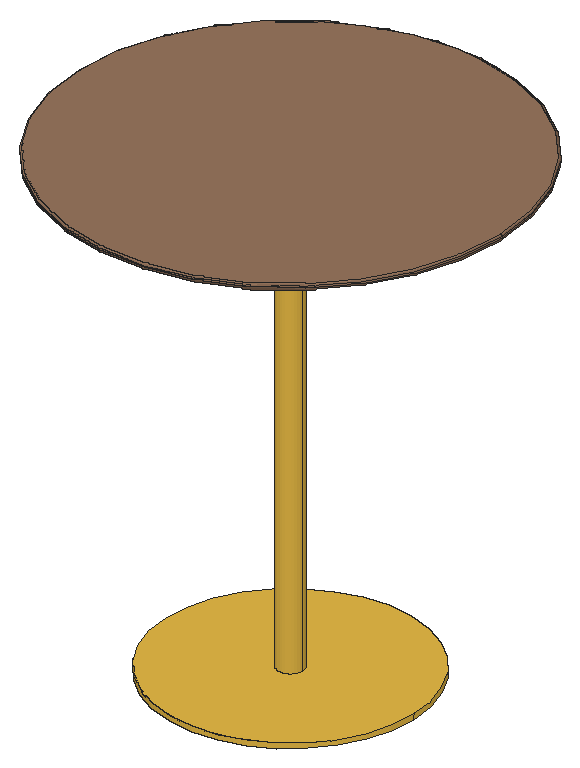
Revit family "FU_Table_Sandler_Nume 9-4FH", category Furniture, Revit 2020
Family settings
  OmniClass Number = 23.40.20.00
  OmniClass Title = General Furniture and Specialties
  Work Plane-Based = No
  Always vertical = Yes
  Cut with Voids When Loaded = No
  Shared = No
  Room Calculation Point = No
Parameters (values of type "Nume 9.4FH Wood/Laminate Top")
  Width = Depth  # 600 mm
  URL = "https://www.sandlerseating.com/product/nume-9-4FH/"
  Top Type = Nume_Wood_Top : Nume Wood 600x19mm
  Top Finish = Wood - Solid Walnut
  Model = "Nume 9.4FH"
  Manufacturer = "Sandler"
  Height = 660 mm
  Description = "Fixed height side table, with 60cm wood top and steel base."
  Depth = 600 mm  # constant formula
  Default Elevation = 0 mm
  Base Finish = Epoxy - M2_Y62
Types (3, lengths in mm): name | Top Type | Top Finish | Description | Base Finish
  (no name) | Nume_Wood_Top : Nume Wood 600x19mm | Wood - Solid Walnut | "Fixed height side table, with 60cm wood top and steel base." | Epoxy - M2_Y62
  NUME 9.4FH HPL/Fenix Top | Nume_HPL_Top : Nume HPL 600x12mm | HPL - Solid - White | "Fixed height side table, with 60cm HPL top and steel base." | Epoxy - M2 - Rust Grey
  Nume 9.4FH Wood/Laminate Top | Nume_Wood_Top : Nume Wood 600x19mm | Wood - Solid Walnut | "Fixed height side table, with 60cm wood top and steel base." | Epoxy - M2_Y62
Reference planes
  plane 1 "Center (Front/Back)": y = 0
  plane 2: z = 0
  plane 3 "Center (Left/Right)": x = 0
  plane 4 "Right": x = -300
  plane 5 "Left": x = 300
  plane 6 "Back": y = 300
  plane 7 "Front": y = -300
  plane 8 "Height": z = 660
  plane 9 "Top Base": z = 648
Forms (mm)
  Extrusion 1, solid, material "Epoxy - M2_Y62" <- "Base Finish"
    sketch origin (0, 0, 0) x (1, 0, 0) y (0, 1, 0)
      loop
        circle (0, 0) r 175
    from 0 to 7
  Revolve 2, solid, material "Epoxy - M2_Y62" <- "Base Finish"
    sketch origin (0, 0, 0) x (1, 0, 0) y (0, 0, 1)
      loop
        line (-12.5, 648.291) -> (-14.5, 648.291)
        arc (-14.5, 648.291) -> (-16.621, 647.413) -> (-17.5, 645.291) r 3
        line (-17.5, 645.291) -> (-17.5, 7) -> (-12.5, 7) -> (-12.5, 648.291)
      axis (0, 648.291) -> (0, 7)
    angle from 0 to 360
  Extrusion 3, solid, material "Epoxy - M2_Y62" <- "Base Finish"
    sketch origin (0, 0, 648) x (-1, 0, 0) y (0, -1, 0)
      loop
        circle (0, 0) r 75
    from 0 to -4.04
Cuts and joins
  joined: Extrusion 1, Revolve 2
Dimensions and locks
  equal spacing: plane 4 "Right", plane 3 "Center (Left/Right)", plane 5 "Left"
  "Width": plane 4 "Right" to plane 5 "Left"
  equal spacing: plane 6 "Back", plane 1 "Center (Front/Back)", plane 7 "Front"
  "Depth": plane 6 "Back" to plane 7 "Front"
  "Height": plane 8 "Height" to level
  plane 9 "Top Base" to level = 648 mm
  locked: plane 8 "Height" to plane 9 "Top Base" at 12
  aligned and locked: level to plane 2
Automatic sketch dimensions
  plane 1 "Center (Front/Back)" to Extrusion 1 sketch curve = 0 mm
  Extrusion 1 sketch curve to plane 3 "Center (Left/Right)" = 0 mm
  Revolve 2 sketch curve to plane 3 "Center (Left/Right)" = 0 mm
  Revolve 2 sketch curve to plane 3 "Center (Left/Right)" = 12.5 mm
  Revolve 2 sketch curve to Revolve 2 sketch curve = 2 mm
  Revolve 2 sketch curve to Revolve 2 sketch curve = 5 mm
  plane 1 "Center (Front/Back)" to Extrusion 3 sketch curve = 0 mm
  Extrusion 3 sketch curve to plane 3 "Center (Left/Right)" = 0 mm
  level to Revolve 2 sketch curve = 7 mm
  Revolve 2 sketch curve to plane 9 "Top Base" = 2.709 mm
  Revolve 2 sketch curve to Revolve 2 sketch curve = 207.833 mm
  Revolve 2 sketch curve to Revolve 2 sketch curve = 177.291 mm
  radius of Extrusion 1 sketch curve = 175 mm
  radius of Extrusion 3 sketch curve = 75 mm
Nested families
  nested 1: "Nume_Wood_Top" at (0, 0, 0), type <- "Top Type", Top Elevation <- "Height", Top Finish <- "Top Finish", type "Nume Wood 600x19mm"
    with Top Finish Wood - Solid Walnut, Top Elevation 660 mm
Definition of nested family "Nume_Wood_Top"
  Parameters (values of type "Nume Wood 600x19mm")
    Width = 600 mm
    Top Elevation [instance] = 530 mm
    Top Finish [instance] = none
    Depth = Width  # 600 mm
    Default Elevation = 0 mm
  Reference planes
    plane 1 "Center (Front/Back)": y = 0
    plane 2: z = 0
    plane 3 "Center (Left/Right)": x = 0
    plane 4 "Right": x = -300
    plane 5 "Left": x = 300
    plane 6 "Back": y = 300
    plane 7 "Front": y = -300
    plane 8 "Elevation": z = 530
    plane 9 "Thickness": z = 511
  Forms (mm)
    Extrusion 1, solid, material <- "Top Finish"
      sketch origin (0, 0, 530) x (-1, 0, 0) y (0, -1, 0)
        loop
          circle (0, 0) r 240
      from 0 to -19
    Sweep 2, solid, material <- "Top Finish"
      path in 3D
        loop
          arc (240, 0, 530) -> (0, -240, 530) -> (-240, 0, 530) r 240
          arc (-240, 0, 530) -> (0, 240, 530) -> (240, 0, 530) r 240
      profile "Pro_IC_TT_Wood_Edge_19x60 : Pro_IC_TT_Wood_Edge_19x60" origin (0, 240, 530) x (0, 1, 0) y (0, 0, 1)
        loop
          line (0, 0) -> (0, -19) -> (23.523, -19)
          arc (23.523, -19) -> (40.704, -14.115) -> (57.496, -8.025) r 252.177
          arc (57.496, -8.025) -> (59.315, -6.554) -> (60, -4.316) r 4
          line (60, -4.316) -> (60, -2)
          arc (60, -2) -> (59.414, -0.586) -> (58, 0) r 2
          line (58, 0) -> (0, 0)
  Cuts and joins
    joined: Extrusion 1, Sweep 2
  Lines and regions (mm)
    sketch lines
      curve 1: arc (-240, 0, 530) -> (0, 240, 530) -> (240, 0, 530) r 240
      curve 2: arc (240, 0, 530) -> (0, -240, 530) -> (-240, 0, 530) r 240
  Dimensions and locks
    equal spacing: plane 4 "Right", plane 3 "Center (Left/Right)", plane 5 "Left"
    "Width": plane 4 "Right" to plane 5 "Left"
    equal spacing: plane 6 "Back", plane 1 "Center (Front/Back)", plane 7 "Front"
    "Depth": plane 6 "Back" to plane 7 "Front"
    "Top Elevation": plane 8 "Elevation" to level
    plane 9 "Thickness" to level = 511 mm
    locked: plane 8 "Elevation" to plane 9 "Thickness" at 19
    aligned and locked: level to plane 2
    aligned and locked: Extrusion 1 to plane 9 "Thickness"
    aligned and locked: plane 8 "Elevation" to Extrusion 1
  Automatic sketch dimensions
    plane 1 "Center (Front/Back)" to Extrusion 1 sketch curve = 0 mm
    Extrusion 1 sketch curve to plane 3 "Center (Left/Right)" = 0 mm
    radius of Extrusion 1 sketch curve = 240 mm
